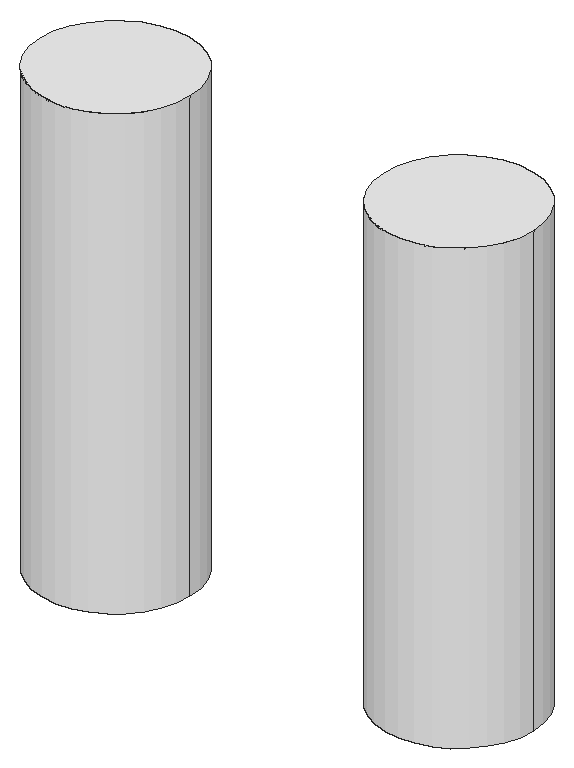
Revit family "65242213", category Plumbing Fixtures, Revit 2020
Family settings
  Round Connector Dimension = Use Diameter
  Part Type = Normal
  OmniClass Number = 23.45.55.00
  OmniClass Title = Sanitary Faucets, Wastes
  Work Plane-Based = No
  Always vertical = Yes
  Cut with Voids When Loaded = No
  Shared = No
  Room Calculation Point = No
Parameters (values of type "65242213 Kitchen faucet with dishwasher valve, 230/5 V")
  Working Pressure = "100 - 1000 kPa"
  WarrantyStartDate [instance] = "n/a"
  WarrantyGuarantorParts = "n/a"
  WarrantyGuarantorLabor = "n/a"
  WarrantyDurationUnit = "Year"
  WarrantyDurationParts = "n/a"
  WarrantyDurationLabor = "n/a"
  WarrantyDescription = "http://warranty.hansa.com"
  Warranty Information URL = "http://warranty.hansa.com"
  VersionDate = "01/06/2023"
  Version = "1"
  ValvePattern = "n/a"
  ValveOperation = "n/a"
  ValveMechanism = "n/a"
  Uniclass2015Reference = "Pr_40_20_87_96"
  Uniclass2015Description = "Washbasin manual water supply sets"
  Uniclass2 = "Pr_40_30_96_96"
  URL WEEE = "http://static.hansa.com/WEEE/65242213"
  URL REACH = "http://static.hansa.com/doc/reach"
  URL Materials Declaration = "http://www.hansa.com/fileadmin/resources/169394_65242213_materialsdeclaration.pdf"
  URL Environmental Product Declaration EPD = "http://www.hansa.com/fileadmin/resources/181427_Oras Group EPD_Hybrid kitchen faucet.pdf"
  URL EcoLabel Declaration = "http://static.hansa.com/doc/EcoLabel"
  URL EU Packaging Declaration = "http://static.hansa.com/doc/packaging"
  URL Declaration of SCIP = "http://static.hansa.com/doc/SCIP"
  URL Declaration of Conformity = "http://static.hansa.com/DoC/65242213"
  URL Declaration of Asbestos = "http://static.hansa.com/doc/asbestos"
  URL Declaration Of Performance (DOP) = "http://static.hansa.com/doc/DoP"
  URL = ""
  UNSPSC Class Number = "30181700 Faucets or taps"
  Type Comments = ""
  TestPressure = "n/a"
  Technical DataSheet URL = "http://www.hansa.com/datasheet/65242213/en"
  TagNumber [instance] = "n/a"
  SustainabilityPerformance = "n/a"
  Surface treatment = "Chrome"
  Spout Type = "Swivel spout;Swivel range limiting option"
  Spout Swivel Range = "120° (80° / 60°)"
  Spout Projection = "193 mm"
  Spare-Part Information URL = "http://static.hansa.com/sp/65242213"
  Size = "120x255x300 mm"
  Shape = "Sculptured"
  SerialNumber [instance] = "n/a"
  Sales Package dimensions (LxWxH) = "460 x 300 x 130"
  Revision = "n/a"
  ReplacementCost = "n/a"
  Protection Class = "IP 54 / transformer IP 20"
  ProductInformation = "n/a"
  Product URL = "http://static.hansa.com/65242213"
  Product Image URL = "http://static.hansa.com/image/65242213"
  Product Family = "HANSAFIT Hybrid"
  Product Code = "65242213"
  Pressure Loss With Flow 02ls = 290000.0 Pa
  OperatingMechanismMaterial = "n/a"
  Operating Voltage = 5 V
  Operating Distance = "0-40 mm"
  NominalWidth = 122 mm
  NominalHeight = 293.5 mm
  NominalDepth = 255.5 mm
  Noise Class = "I (ISO 3822)"
  Name_en = "65242213 Kitchen faucet with dishwasher valve, 230/5 V"
  Name = "65242213 Kitchen faucet with dishwasher valve, 230/5 V"
  NBSReference = "45-35-70/371"
  NBSDescription = "Water supply fittings for wash basins and troughs"
  Mounting Holes = "1 hole"
  ModelReference = "65242213"
  ModelNumber = "n/a"
  Model = "65242213 Kitchen faucet with dishwasher valve, 230/5 V"
  Mobile Product Information URL = "http://mpi.hansa.com/65242213"
  Mechanical Parts = "Ceramic head part for flow control;Mixing valve for manual temperature control;Litter filter(s)"
  Max. Hot Water Supply = 70 °C
  Max Flow Period = "40 s (10/40/60/120/180 s)"
  Material = "Brass/Plastic"
  Market = "Austria;Belgium;Czech Republic;Germany;Spain;France;International;Italy;Netherlands;Slovakia"
  ManufacturerURL = "http://www.hansa.com"
  ManufacturerName = "HANSA"
  Manufacturer = "HANSA"
  Lever Handle = "Two operating levers/handles;Easy-Grip surface"
  Keynote = ""
  Interactive AR View URL = "https://static.hansa.com/AR/65242213"
  InstallationDate [instance] = "n/a"
  Installation and Maintenance Guide URL = "http://static.hansa.com/manual/65242213"
  Installation Type = "Deck mounted"
  InletConnectionSize = 10 mm
  IfcExportType = "FAUCET"  # constant formula
  IfcExportAs = "IfcValveType"  # constant formula
  Group = "Kitchen faucet"
  Grade = "n/a"
  FlowCoefficient = 0
  Flow Rate At 300kPa = 0.2 L/s
  Flow Drawing URL = "http://static.hansa.com/flowchart/65242213"
  Finish = "Polished"
  Features = "Hybrid;Plug transformer;Dishwasher valve"
  FaucetMainMaterial = Brass
  FDV Document URL = "http://www.hansa.com/datasheet/65242213/en/fdv"
  ExpectedLife = "n/a"
  Electronic Parts = "Autofocus infrared sensor;Solenoid valve;External control unit;Power supply;Light indicated function(s)"
  Electrical Connection = "230 / 5 V"
  ETIM Class Number = "EC011431 Kitchen mixing tap"
  EN Standard = "EN 1111, ETSI EN 301 489-1 V1.9.2 , \nETSI EN 300 328 v2.2.2 , \nEN 61000-6-1:2007 , \nEN 61000-6-3:2007+A1:2011+AC:2012 , \nEN 60335-1:2012+A11+A13+A1+A14+A2+A15:2021, Part 19.11.4"
  EMC Directive = "Low Voltage Directive 2014/35/EU , \nEMC Directive 2014/30/EU , \nRoHS Directive 2011/65/EU"
  EAN Number = "4015474273450"
  DurationUnit = "Year"
  Dishwasher Valve Open Period = "4 h / 12 h"
  Dishwasher Valve = "Electronic stop valve for external equipment"
  Dimension Drawing URL = "http://static.hansa.com/dimdrw/65242213"
  Description = ""
  DefaultElevation [instance] = 900 mm
  Default Elevation = 0 mm
  Constituents = "n/a"
  Connection Size = "G3/8"
  Connection = "Flexible inlet pipes"
  Color = "Chrome"
  CodePerformance = "n/a"
  CloseOffRating = 0
  Category = "Kitchen"
  Catalog Drawing URL = "http://static.hansa.com/catdrw/65242213"
  CO2 Emissions (D) = -13.51
  CO2 Emissions (C4) = 0.71
  CO2 Emissions (C3) = 0.04
  CO2 Emissions (C2) = 0.03
  CO2 Emissions (B7) = 2364
  CO2 Emissions (A4) = 0.75
  CO2 Emissions (A1-A3) = 345.96
  Brand = "HANSA"
  BodyMaterial = "Brass"
  Barcode [instance] = "n/a"
  Backflow Prevention EN1717 = "AA"
  BIMObjectName = "65242213"
  Automatic Flush Period = "30 s (10/30/60/120/180 s)"
  Automatic Flush Frequency = "off (off/12/24/48/72 h)"
  Author = "BIMStone"
  AssetType = "Fixed"
  AssetIdentifier [instance] = "n/a"
  Afterflow Period = "4 s (2/4/8/10/20 s)"
  Aerator = "Hidden aerator;Standard aerator"
  Advanced Features = "Surfaces in contact with drinking water contain less than 0.3% lead;Inner body made of DZR brass;Waterways without nickel coating;Software settings adjustable via buttons"
  Additional Features = "Faucet is GGT-approved user test VERY GOOD"
  AccessibilityPerformance = "n/a"
  3D View = "https://static.hansa.com/AR/65242213"
  2D/3D/BIM Files URL = "http://static.hansa.com/bim/65242213"
Reference planes
  plane 1 "Center (Front/Back)": y = 0
  plane 2: z = 0
  plane 3 "Center (Left/Right)": x = 0
  plane 4: x = -61
  plane 5: z = 900
  plane 6: z = 870
  plane 7: y = -255.5
  plane 8: x = 61
  plane 9: z = 1193.5
Forms (mm)
  Extrusion 1, solid, material "Brass" <- "FaucetMainMaterial"
    sketch origin (0, -9.588, 0) x (1, 0, 0) y (0, 1, 0)
      loop
        circle (-11.5, -22.5) r 5
      loop
        circle (11.5, -22.5) r 5
    from 870 to 900
Dimensions and locks
  "DefaultElevation": plane 5 to level
  locked: plane 5 to plane 6 at 30
  "NominalDepth": plane 7 to plane 1 "Center (Front/Back)"
  equal spacing: plane 4, plane 3 "Center (Left/Right)", plane 8
  "NominalHeight": plane 9 to plane 5
  "NominalWidth": plane 4 to plane 8
  "InletConnectionSize": diameter of Extrusion 1 sketch curve  (x2)
  aligned and locked: level to plane 2
  aligned and locked: plane 5 to Extrusion 1
  aligned and locked: Extrusion 1 to plane 6
  aligned and locked: nested 2 to plane 5
  aligned and locked: plane 1 "Center (Front/Back)" to nested 2
  aligned and locked: plane 3 "Center (Left/Right)" to nested 2
  aligned and locked: plane 3 "Center (Left/Right)" to nested 1
  aligned and locked: plane 1 "Center (Front/Back)" to nested 1
Automatic sketch dimensions
  Extrusion 1 sketch curve to plane 3 "Center (Left/Right)" = 11.5 mm
  plane 3 "Center (Left/Right)" to Extrusion 1 sketch curve = 11.5 mm
  plane 1 "Center (Front/Back)" to Extrusion 1 sketch curve = 32.088 mm  (x2)
Nested families
  nested 1: "Symbol" at (0, 0, 0), type "Symbol", detail levels coarse
  nested 2: "65242213_Body" at (0, 0, 900), Material <- "FaucetMainMaterial", type "65242213_Body"
    with Material Brass
Connectors
  piping at (-11.5, -32.088, 870), diameter 10, driven by "InletConnectionSize"
    settings: on Extrusion 1, index 1, connector inside diameter 609.6 mm, connector length 0 mm, flow factor 0, pipe flow 0.2 L/s, pressure drop 0.0 Pa, fitting loss kfactor 0, connector angle 0.00°, fixture units 0, engagement length 0 mm, angle of deflection 0.00°, flow configuration 1, flow direction 1, fitting loss method 0, system type 19, joint type 0, gender type 0, connector reference index -1, connector utility 0, adjustable connector no, is connector primary yes, connector description ""
  piping at (11.5, -32.088, 870), diameter 10, driven by "InletConnectionSize"
    settings: on Extrusion 1, index 2, connector inside diameter 609.6 mm, connector length 0 mm, flow factor 0, pipe flow 0.2 L/s, pressure drop 0.0 Pa, fitting loss kfactor 0, connector angle 0.00°, fixture units 0, engagement length 0 mm, angle of deflection 0.00°, flow configuration 1, flow direction 1, fitting loss method 0, system type 20, joint type 0, gender type 0, connector reference index -1, connector utility 0, adjustable connector no, is connector primary no, connector description ""
Definition of nested family "Symbol"
  Reference planes
    plane 1: y = 0
    plane 2: x = 0
  Lines and regions (mm)
    detail lines
      curve 1: line (0, 0, 0) -> (0, -1.8, 0)
      curve 2: line (-0.4, -1.1, 0) -> (0.4, -1.1, 0)
      curve 3: line (-0.4, -1.4, 0) -> (0.4, -1.4, 0)
      curve 4: line (0.863, 0, 0) -> (-0.863, 0, 0)
      curve 5: circle (-1.163, 0, 0) r 0.3 normal (0, 0, -1)
      curve 6: circle (1.163, 0, 0) r 0.3 normal (0, 0, 1)
